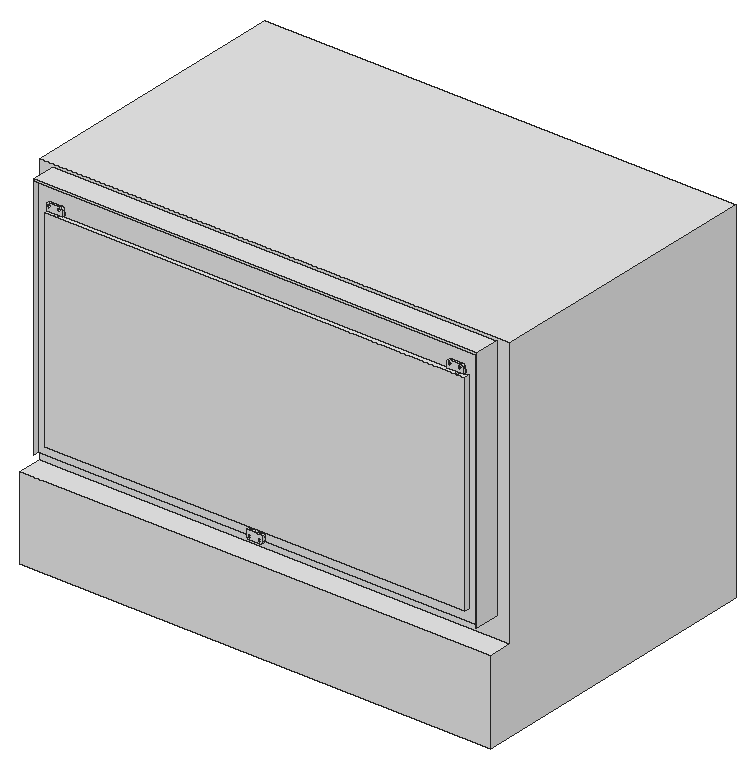
Revit family "New_Fisher & Paykel CoolDrawer RB90S64MKIW1", category Generic Models, host Floor, Revit 2013
Parameters (values of type "Fisher & Paykel - Cool Drawer RB90S64MKIW1")
  URL = "www.fisherpaykel.com"
  Model = "RB90S64MKIW1"
  Manufacturer = "Fisher&Paykel"
  Description = "Fisher & Paykel - Cool Drawer RB90S64MKIW1"
  Cool Drawer = Cool Drawer
Reference planes
  plane 1 "Center (Front/Back)": y = 0
  plane 2: z = 0
  plane 3 "Center (Left/Right)": x = 0
Dimensions and locks
  equal spacing: host sketch curve, plane 1 "Center (Front/Back)", host sketch curve
  equal spacing: host sketch curve, plane 3 "Center (Left/Right)", host sketch curve
  host sketch curve to host sketch curve = 3048 mm  (x2)
  aligned and locked: level to plane 2
Nested families
  nested 1: "Fisher & Paykel CoolDrawer RB90S64MKIW1" at (0, 0, 0), type "Fisher & Paykel - Cool Drawer RB90S64MKIW1"
Definition of nested family "Fisher & Paykel CoolDrawer RB90S64MKIW1"
  Parameters (values of type "Fisher & Paykel - Cool Drawer RB90S64MKIW1")
    Width = 855 mm
    URL = "www.fisherpaykel.com"
    Manufacturer = "Fisher&Paykel"
    Description = "Fisher & Paykel - Cool Drawer RB90S64MKIW1"
    Cool Drawer = Cool Drawer
    Model = "RB90S64MKIW1"
    Height = 640 mm
    Depth = 557 mm
  Reference planes
    plane 1 "Center (Front/Back)": y = 0
    plane 2: z = 0
    plane 3 "Center (Left/Right)": x = 0
    plane 4: y = 278.5
    plane 5: y = -278.5
    plane 6: x = -427.5
    plane 7: x = 427.5
    plane 8: z = 640
    plane 9: z = 150
    plane 10: y = -233.5
    plane 11: z = 187
    plane 12: z = 635
    plane 13: z = 179
    plane 14: z = 655
    plane 15: y = -296.5
    plane 16: x = -448
    plane 17: x = 448
    plane 18: x = -402.5
    plane 19: x = 402.5
    plane 20: x = -433
    plane 21: y = -337.5
    plane 22: x = -313
    plane 23: x = 433
    plane 24: x = 313
    plane 25: z = 590
    plane 26: z = 574
    plane 27: y = -269.518
  Forms (mm)
    Extrusion 1, solid, material "Cool Drawer" <- "Cool Drawer"
      sketch origin (0, 0, 0) x (0, 1, 0) y (0, 0, 1)
        loop
          line (278.5, 0) -> (278.5, 640) -> (-233.5, 640) -> (-233.5, 150) -> (-278.5, 150) -> (-278.5, 0) -> (278.5, 0)
      from -427.5 to 427.5
    Extrusion 2, solid, material "Cool Drawer" <- "Cool Drawer"
      sketch origin (-475.075, 0, -148.233) x (1, 0, 0) y (0, 0, 1)
        loop
          circle (287.575, 228.233) r 5
      from -278.5 to -298.5
    Extrusion 3, solid, material "Cool Drawer" <- "Cool Drawer"
      sketch origin (0, 0, 0) x (1, 0, 0) y (0, 0, 1)
        loop
          line (-402.5, 187) -> (-401.5, 187) -> (-401.5, 632) -> (401.5, 632) -> (401.5, 187) -> (402.5, 187) -> (402.5, 635) -> (-402.5, 635) -> (-402.5, 187)
      from 233.5 to 278.5
    Extrusion 4, solid, material "Cool Drawer" <- "Cool Drawer"
      sketch origin (0, 0, 0) x (1, 0, 0) y (0, 0, 1)
        loop
          line (-401.5, 187) -> (401.5, 187) -> (401.5, 632) -> (-401.5, 632) -> (-401.5, 187)
      from 233.5 to 269.518
    Extrusion 5, solid, material "Cool Drawer" <- "Cool Drawer"
      sketch origin (0, 0, 0) x (1, 0, 0) y (0, 0, 1)
        loop
          line (-381.5, 587) -> (-381.5, 207) -> (381.5, 207) -> (381.5, 587) -> (-381.5, 587)
      from 269.518 to 278.5
    Extrusion 6, solid, material "Cool Drawer" <- "Cool Drawer"
      sketch origin (0, 0, 0) x (1, 0, 0) y (0, 0, 1)
        loop
          line (-379, 592.5) -> (-349, 592.5) -> (-349, 601.5)
          arc (-349, 601.5) -> (-350.757, 605.743) -> (-355, 607.5) r 6
          line (-355, 607.5) -> (-373, 607.5)
          arc (-373, 607.5) -> (-377.243, 605.743) -> (-379, 601.5) r 6
          line (-379, 601.5) -> (-379, 592.5)
        loop
          circle (-373, 601.5) r 2.5
        loop
          circle (-355, 601.5) r 2.5
        loop
          line (349, 592.5) -> (379, 592.5) -> (379, 601.5)
          arc (379, 601.5) -> (377.243, 605.743) -> (373, 607.5) r 6
          line (373, 607.5) -> (355, 607.5)
          arc (355, 607.5) -> (350.757, 605.743) -> (349, 601.5) r 6
          line (349, 601.5) -> (349, 592.5)
        loop
          circle (355, 601.5) r 2.5
        loop
          circle (373, 601.5) r 2.5
        loop
          line (-15, 201.5) -> (-15, 192.5)
          arc (-15, 192.5) -> (-13.243, 188.257) -> (-9, 186.5) r 6
          line (-9, 186.5) -> (9, 186.5)
          arc (9, 186.5) -> (13.243, 188.257) -> (15, 192.5) r 6
          line (15, 192.5) -> (15, 201.5) -> (-15, 201.5)
        loop
          circle (-9, 192.5) r 2.5
        loop
          circle (9, 192.5) r 2.5
      from 276 to 279
    Extrusion 7, solid, material "Cool Drawer" <- "Cool Drawer"
      sketch origin (0, 0, 0) x (1, 0, 0) y (0, 1, 0)
        loop
          line (-379, -279) -> (-349, -279) -> (-349, -276)
          arc (-349, -276) -> (-350.912, -272.047) -> (-355, -270.445) r 6.018
          line (-355, -270.445) -> (-373.043, -270.445)
          arc (-373.043, -270.445) -> (-377.229, -271.928) -> (-379, -276) r 5.568
          line (-379, -276) -> (-379, -279)
        loop
          circle (-372.997, -274.93) r 2.5
        loop
          circle (-355.022, -274.93) r 2.5
        loop
          line (349, -279) -> (379, -279) -> (379, -276)
          arc (379, -276) -> (377.088, -272.047) -> (373, -270.445) r 6.018
          line (373, -270.445) -> (354.957, -270.445)
          arc (354.957, -270.445) -> (350.771, -271.928) -> (349, -276) r 5.568
          line (349, -276) -> (349, -279)
        loop
          circle (355.003, -274.93) r 2.5
        loop
          circle (372.978, -274.93) r 2.5
      from 592.5 to 595.5
    Extrusion 8, solid, material "Cool Drawer" <- "Cool Drawer"
      sketch origin (0, 0, 0) x (1, 0, 0) y (0, 1, 0)
        loop
          line (-15, -279) -> (15, -279) -> (15, -276)
          arc (15, -276) -> (13.088, -272.047) -> (9, -270.445) r 6.018
          line (9, -270.445) -> (-9.043, -270.445)
          arc (-9.043, -270.445) -> (-13.229, -271.928) -> (-15, -276) r 5.568
          line (-15, -276) -> (-15, -279)
        loop
          circle (-8.997, -274.93) r 2.5
        loop
          circle (8.978, -274.93) r 2.5
      from 198.493 to 201.493
    Extrusion 9, solid, material "Cool Drawer" <- "Cool Drawer"
      sketch origin (0, 0, 0) x (1, 0, 0) y (0, 1, 0)
        loop
          circle (-364.272, -273.969) r 2.497
        loop
          circle (364.512, -273.969) r 2.497
      from 587 to 595.5
    Extrusion 10, solid, material "Cool Drawer" <- "Cool Drawer"
      sketch origin (0, 0, 0) x (1, 0, 0) y (0, 1, 0)
        loop
          circle (0, -273.258) r 2.5
      from 198.493 to 207
  Cuts and joins
    joined: Extrusion 6, Extrusion 7, Extrusion 8, Extrusion 9, Extrusion 10
  Dimensions and locks
    equal spacing: plane 4, plane 1 "Center (Front/Back)", plane 5
    equal spacing: plane 6, plane 3 "Center (Left/Right)", plane 7
    "Width": plane 6 to plane 7
    "Depth": plane 4 to plane 5
    "Height": plane 8 to level
    plane 11 to plane 9 to level = 37 mm, 150 mm
    plane 10 to plane 5 = 45 mm
    plane 13 to level = 179 mm
    plane 5 to plane 15 = 18 mm
    plane 16 to plane 6 to plane 18 = 20.5 mm, 25 mm
    plane 17 to plane 7 to plane 19 = 20.5 mm, 25 mm
    plane 16 to plane 20 to plane 22 = 15 mm, 120 mm
    plane 24 to plane 23 to plane 17 = 120 mm, 15 mm
    plane 14 to plane 25 to plane 26 = 65 mm, 16 mm
    aligned and locked: plane 2 to level
    aligned and locked: level to Extrusion 1 sketch curve
    aligned and locked: plane 4 to Extrusion 1 sketch curve
    aligned and locked: plane 8 to Extrusion 1 sketch curve
    aligned and locked: plane 10 to Extrusion 1 sketch curve
    aligned and locked: plane 9 to Extrusion 1 sketch curve
    aligned and locked: plane 5 to Extrusion 1 sketch curve
    aligned and locked: Extrusion 1 to plane 7
    aligned and locked: plane 6 to Extrusion 1
    aligned and locked: Extrusion 2 to plane 4
  Automatic sketch dimensions
    plane 24 to Extrusion 2 sketch curve = 500.5 mm
    Extrusion 2 sketch curve to plane 11 = 107 mm
    Extrusion 3 sketch curve to plane 11 = 0 mm  (x2)
    Extrusion 3 sketch curve to plane 19 = 0 mm
    Extrusion 3 sketch curve to plane 12 = 0 mm
    plane 18 to Extrusion 3 sketch curve = 0 mm
    Extrusion 3 sketch curve to Extrusion 3 sketch curve = 1 mm
    Extrusion 3 sketch curve to plane 18 = 1 mm
    Extrusion 3 sketch curve to plane 12 = 3 mm
    Extrusion 4 sketch curve to plane 11 = 0 mm
    Extrusion 4 sketch curve to plane 18 = 1 mm
    Extrusion 4 sketch curve to plane 12 = 3 mm
    Extrusion 4 sketch curve to plane 19 = 1 mm
    Extrusion 5 sketch curve to plane 18 = 21 mm
    plane 11 to Extrusion 5 sketch curve = 20 mm
    Extrusion 5 sketch curve to plane 19 = 21 mm
    Extrusion 5 sketch curve to plane 25 = 3 mm
    Extrusion 6 sketch curve to Extrusion 6 sketch curve = 0 mm  (x12)
    plane 25 to Extrusion 6 sketch curve = 2.5 mm  (x2)
    Extrusion 6 sketch curve to plane 18 = 23.5 mm
    Extrusion 6 sketch curve to plane 11 = 0.5 mm
    Extrusion 6 sketch curve to Extrusion 6 sketch curve = 6 mm  (x6)
    Extrusion 6 sketch curve to Extrusion 6 sketch curve = 18 mm  (x2)
    Extrusion 6 sketch curve to plane 3 "Center (Left/Right)" = 15 mm
    plane 3 "Center (Left/Right)" to Extrusion 6 sketch curve = 9 mm
    Extrusion 6 sketch curve to plane 24 = 36 mm
    Extrusion 6 sketch curve to Extrusion 6 sketch curve = 9 mm  (x3)
    plane 5 to Extrusion 7 sketch curve = 2.5 mm  (x4)
    Extrusion 7 sketch curve to plane 18 = 23.5 mm
    Extrusion 7 sketch curve to plane 5 = 0.5 mm  (x2)
    plane 27 to Extrusion 7 sketch curve = 0.927 mm  (x2)
    Extrusion 7 sketch curve to Extrusion 7 sketch curve = 5.957 mm  (x2)
    Extrusion 7 sketch curve to Extrusion 7 sketch curve = 18.043 mm  (x2)
    Extrusion 7 sketch curve to Extrusion 7 sketch curve = 6 mm  (x2)
    Extrusion 7 sketch curve to plane 24 = 36 mm
    Extrusion 7 sketch curve to Extrusion 7 sketch curve = 0.435 mm  (x2)
    Extrusion 7 sketch curve to Extrusion 7 sketch curve = 0.022 mm  (x2)
    Extrusion 7 sketch curve to Extrusion 7 sketch curve = 1.07 mm  (x2)
    Extrusion 7 sketch curve to Extrusion 7 sketch curve = 1.533 mm  (x2)
    plane 5 to Extrusion 8 sketch curve = 2.5 mm  (x2)
    Extrusion 8 sketch curve to plane 3 "Center (Left/Right)" = 15 mm
    Extrusion 8 sketch curve to plane 5 = 0.5 mm
    plane 27 to Extrusion 8 sketch curve = 0.927 mm
    Extrusion 8 sketch curve to Extrusion 8 sketch curve = 5.957 mm
    plane 3 "Center (Left/Right)" to Extrusion 8 sketch curve = 9 mm
    Extrusion 8 sketch curve to Extrusion 8 sketch curve = 6 mm
    Extrusion 8 sketch curve to Extrusion 8 sketch curve = 0.435 mm
    Extrusion 8 sketch curve to Extrusion 8 sketch curve = 0.022 mm
    Extrusion 8 sketch curve to Extrusion 8 sketch curve = 1.07 mm
    Extrusion 8 sketch curve to Extrusion 8 sketch curve = 1.533 mm
    plane 27 to Extrusion 9 sketch curve = 4.451 mm  (x2)
    Extrusion 9 sketch curve to plane 18 = 38.228 mm
    Extrusion 9 sketch curve to plane 19 = 37.988 mm
    Extrusion 10 sketch curve to plane 3 "Center (Left/Right)" = 0 mm
    plane 27 to Extrusion 10 sketch curve = 3.74 mm
    radius of Extrusion 2 sketch curve = 5 mm
    radius of Extrusion 6 sketch curve = 2.5 mm  (x6)
    radius of Extrusion 7 sketch curve = 2.5 mm  (x4)
    radius of Extrusion 8 sketch curve = 2.5 mm  (x2)
    radius of Extrusion 9 sketch curve = 2.497 mm  (x2)
    radius of Extrusion 10 sketch curve = 2.5 mm
